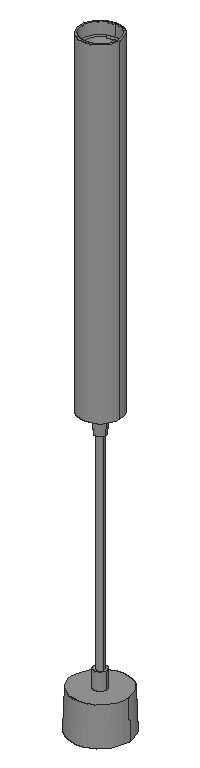
Revit family "6189", category Lighting Fixtures, host Face, Revit 2018
Family settings
  Host = Face
  Round Connector Dimension = Use Diameter
  Part Type = Normal
  OmniClass Number = 23.80.70.00
  OmniClass Title = Lighting
  Cut with Voids When Loaded = No
  Light Source = Yes
  Shared = No
  Room Calculation Point = No
Parameters (values of type "0006189 PIXO MINI PENDANT 560LM 940 MB WHT")
  spacer height = 5.965 mm
  spacer centres = 1000 mm
  cutout width = 300 mm
  Width = 296 mm
  Weight = "n/a"
  Wattage Comments = ""
  Wattage = 9.2903 W
  WarrantyStartDate [instance] = "n/a"
  WarrantyGuarantorParts = "n/a"
  WarrantyDurationUnit = "n/a"
  WarrantyDurationParts = ""
  WarrantyDescription = "http://www.sylvania-lighting.com"
  built-in parameter 1150110 = 1 (stored number, unit not read)
  Voltage = 0 V
  URL = "0.5"
  TypeName = "Pixo Mini PENDANT 560lm 940 MB WHITE"
  Type Image = <None>
  Type Comments = "n/a"
  built-in parameter 1114217 = 1 (stored number, unit not read)
  Tilt Angle = 90.00°
  built-in parameter 1150109 = 1 (stored number, unit not read)
  built-in parameter 1150134 = 3
  built-in parameter 1150113 = 1 (stored number, unit not read)
  SerialNumber [instance] = "n/a"
  Photometric Web File = "0006189.ies"
  Material_3_FEILO = none
  PowerFactor = 0
  PowerConsumption = "Lighting"
  NominalLength = 60 mm
  NominalHeight = 0 mm
  NominalDepth = 0 mm
  Name = "Pixo Mini PENDANT 560lm 940 MB WHITE"
  ModelReference = Name  # "Pixo Mini PENDANT 560lm 940 MB WHITE"
  ModelNumber = "0006189"
  Model = Name  # "Pixo Mini PENDANT 560lm 940 MB WHITE"
  Material = "Feilo Sylvania"
  ManufacturerName = "86 lm/W"
  Manufacturer = ""
  LuminousEfficacy = ""
  built-in parameter 1150105 = 109.82 (stored number, unit not read)
  Lumens = 1380 lm
  LuminaireType = "0"
  built-in parameter 1150115 = 1 (stored number, unit not read)
  LightOutputRatio = "LED"
  built-in parameter 1150137 = (empty or 0)
  built-in parameter 1150139 = (empty or 0)
  Length = 1196 mm
  LampsType = Lamp  # "n/a"
  LampNominalLuminous = "4000 K"
  LampMacAdamStep = "90"
  LampColourTemperature = "LED"
  LampColourRenderingIndex = "16500"
  built-in parameter 1150112 = 1 (stored number, unit not read)
  built-in parameter 1150114 = 1 (stored number, unit not read)
  Lamp = "n/a"
  Keynote = "n/a"
  InstallationDate [instance] = "n/a"
  InputVoltage = "0"
  InputNominalFrequency = "4000"
  built-in parameter 1150132 = (empty or 0)
  built-in parameter 1150102 = (empty or 0)
  built-in parameter 1150107 = 3200 (stored number, unit not read)
  built-in parameter 1150138 = (empty or 0)
  IngressProtection = "IfcLightFixtureType"
  ImpactProtectionIndex = "IfcLightFixtureType"
  built-in parameter 1150106 = 1.0982 (stored number, unit not read)
  IfcExportType = "IfcLightFixtureType"
  IfcExportAs = "Class I"
  Height = 51.031 mm
  ExpectedLife = 50000
  Emit from Circle Diameter = 609.6 mm
  Emit Shape Visible in Rendering = no
  ElectricShockClassification = "86"
  built-in parameter 1150104 = 13.8 (stored number, unit not read)
  DurationUnit = "hours"
  DocumentationLiterature = "http://www.sylvania-lighting.com/product/en-int/products/0006189"
  DimmingControlOptions = "n/a"
  Material_2_FEILO = none
  Dimming Lamp Color Temperature Shift = <None>
  Description = "Integrated LED pendant, Textured White - RAL9016, simple and slick integral design with no driver box and without any visible screws, ideal for retail applications, die-cast aluminium body, passive cooling heatsink. Beam angle: 40°, color temperature: 4000K , total system power: 6.5W, total fixture output: 560 lm, LOR: 100%, colour rendering: Ra: 90 typical, IR/UV free light source without heat radiation, operating voltage: 220-240V / 50-60Hz, electronic driver, non-dimmable, low LED flickerering rate (6%-20%), power factor: >0.90, electrical protection: Class I, Surface mounting ceiling rose, ingress protection rating: IP20, suitable for internal environment only, horizontal rotation: 345°, vertical tilt: 90°, dimensions: Ø41.5x350, weight: 0.469kg."
  Default Elevation = 1219.2 mm
  Cutout = 1200 mm
  CreatedOn = "06/01/2022"
  CreatedBy = "@sylvania-lighting.com"
  Cost = 0
  Color Filter = 16777215
  built-in parameter 1114216 [instance] = (empty or 0)
  ClassificationValue = "EF_70_80"
  ClassificationName = "Uniclass2015"
  Material_1_FEILO = none
  BarCode [instance] = "n/a"
  built-in parameter 1114218 = 1 (stored number, unit not read)
  built-in parameter 1150133 = 10 (stored number, unit not read)
  AssetType = "Fixed"
  AssetIdentifier [instance] = "n/a"
  Assembly Code = "D5020200"
  Apparent Load = 6.5 VA
  Material_4_FEILO = none
Reference planes
  plane 1 "Center (Front/Back)": y = 0
  plane 2: z = 0
  plane 3 "Center (Left/Right)": x = 0
  plane 4: z = 0
  plane 5: z = 51.031
  plane 6: y = 148
  plane 7: y = -148
  plane 8: x = -598
  plane 9: x = 598
  plane 10: z = 5.965
  plane 11: x = -600
  plane 12: x = 600
  plane 13: y = 150
  plane 14: y = -150
  plane 15: x = -30
  plane 16: x = 30
  plane 17: y = 30
  plane 18: y = -30
  plane 19: y = 29
  plane 20: y = -29
  plane 21: x = -29
  plane 22: x = 29
Forms (mm)
  Blend 1, solid, material "Aluminum", detail levels medium+fine
    base sketch origin (0, 0, 0) x (1, 0, 0) y (0, 1, 0)
      loop
        circle (0, 0) r 30
    top sketch origin (0, 0, 0) x (1, 0, 0) y (0, 1, 0)
      loop
        circle (0, 0) r 29
    from 0 to 40
  Extrusion 2, solid, material "Aluminum", detail levels medium+fine
    sketch origin (4.2, 0, 0) x (1, 0, 0) y (0, 1, 0)
      loop
        circle (-4.2, 0) r 6.5
    from 40 to 57
  Extrusion 3, solid, material "Aluminum", detail levels medium+fine
    sketch origin (4.2, 0, 0) x (1, 0, 0) y (0, 1, 0)
      loop
        circle (-4.2, 0) r 3.5
    from 57 to 275
  Blend 4, solid, material "Aluminum", detail levels medium+fine
    base sketch origin (4.2, 0, 0) x (1, 0, 0) y (0, 1, 0)
      loop
        circle (-4.2, 0) r 5.5
    top sketch origin (4.2, 0, 0) x (1, 0, 0) y (0, 1, 0)
      loop
        circle (-4.2, 0) r 7.5
    from 275 to 295
  Extrusion 5, solid, material "Aluminum", detail levels medium+fine
    sketch origin (4.2, 0, 0) x (1, 0, 0) y (0, 1, 0)
      loop
        circle (-4.2, 0) r 20.5
    from 295 to 645
  Extrusion 6, void
    sketch origin (4.2, 0, 0) x (0, 1, 0) y (1, 0, 0)
      loop
        circle (0, -4.2) r 19
    from -645 to -633
  Blend 7, void
    base sketch origin (4.2, 0, 0) x (0, 1, 0) y (-1, 0, 0)
      loop
        circle (0, 4.2) r 16.5
    top sketch origin (4.2, 0, 0) x (0, 1, 0) y (-1, 0, 0)
      loop
        circle (0, 4.2) r 5.5
    from 636.255 to 606.255
  Blend 8, solid, material "Glass, White, High Luminance", detail levels fine
    base sketch origin (4.2, 0, 0) x (1, 0, 0) y (0, 1, 0)
      loop
        circle (-4.2, 0) r 5.5
    top sketch origin (4.2, 0, 0) x (1, 0, 0) y (0, 1, 0)
      loop
        circle (-4.2, 0) r 5.5
    from 607.057 to 609.057
  Extrusion 9, solid, detail levels coarse
    sketch origin (4.2, 0, 0) x (1, 0, 0) y (0, 1, 0)
      loop
        line (-34.2, 30) -> (-34.2, -30) -> (25.8, -30) -> (25.8, 30) -> (-34.2, 30)
    from 0 to 645
Cuts and joins
  Extrusion 6, Blend 7 cuts Blend 1
  Extrusion 6, Blend 7 cuts Extrusion 5
Dimensions and locks
  "Width": plane 6 to plane 7
  equal spacing: plane 6, plane 1 "Center (Front/Back)", plane 7
  "Length": plane 8 to plane 9
  equal spacing: plane 8, plane 3 "Center (Left/Right)", plane 9
  "spacer height": plane 10 to host face
  "Height": plane 5 to level
  "Cutout": plane 11 to plane 12
  equal spacing: plane 11, plane 3 "Center (Left/Right)", plane 12
  "cutout width": plane 13 to plane 14
  equal spacing: plane 13, plane 1 "Center (Front/Back)", plane 14
  aligned and locked: plane 2 to host face
  aligned and locked: level to host face
Automatic sketch dimensions
  host sketch curve to host sketch curve = 2438.4 mm  (x2)
  plane 1 "Center (Front/Back)" to Blend 1 sketch curve = 0 mm  (x2)
  Blend 1 sketch curve to plane 3 "Center (Left/Right)" = 0 mm  (x2)
  plane 1 "Center (Front/Back)" to Extrusion 2 sketch curve = 0 mm
  Extrusion 2 sketch curve to plane 3 "Center (Left/Right)" = 0 mm
  plane 1 "Center (Front/Back)" to Extrusion 3 sketch curve = 0 mm
  Extrusion 3 sketch curve to plane 3 "Center (Left/Right)" = 0 mm
  plane 1 "Center (Front/Back)" to Blend 4 sketch curve = 0 mm  (x2)
  Blend 4 sketch curve to plane 3 "Center (Left/Right)" = 0 mm  (x2)
  plane 1 "Center (Front/Back)" to Extrusion 5 sketch curve = 0 mm
  Extrusion 5 sketch curve to plane 3 "Center (Left/Right)" = 0 mm
  plane 1 "Center (Front/Back)" to Extrusion 6 sketch curve = 0 mm
  Extrusion 6 sketch curve to plane 3 "Center (Left/Right)" = 0 mm
  plane 1 "Center (Front/Back)" to Blend 7 sketch curve = 0 mm  (x2)
  Blend 7 sketch curve to plane 3 "Center (Left/Right)" = 0 mm  (x2)
  plane 1 "Center (Front/Back)" to Blend 8 sketch curve = 0 mm  (x2)
  Blend 8 sketch curve to plane 3 "Center (Left/Right)" = 0 mm  (x2)
  Extrusion 9 sketch curve to plane 15 = 0 mm
  Extrusion 9 sketch curve to plane 16 = 0 mm
  Extrusion 9 sketch curve to plane 18 = 0 mm
  Extrusion 9 sketch curve to plane 17 = 0 mm
  radius of Blend 1 sketch curve = 30 mm
  radius of Blend 1 sketch curve = 29 mm
  radius of Extrusion 2 sketch curve = 6.5 mm
  radius of Extrusion 3 sketch curve = 3.5 mm
  radius of Blend 4 sketch curve = 5.5 mm
  radius of Blend 4 sketch curve = 7.5 mm
  radius of Extrusion 5 sketch curve = 20.5 mm
  radius of Extrusion 6 sketch curve = 19 mm
  radius of Blend 7 sketch curve = 16.5 mm
  radius of Blend 7 sketch curve = 5.5 mm
  radius of Blend 8 sketch curve = 5.5 mm  (x2)
Connectors
  electrical at (0, 0, 0), driven by "Apparent Load", driven by "PowerFactor", driven by "Voltage"
    settings: index 1, voltage 0 V, apparent load 6.5 VA, apparent load phase1 0 VA, apparent load phase2 0 VA, apparent load phase3 0 VA, power factor 0, load classification "Lighting", number of poles 1, system type 30, power factor state 1, is connector primary yes, connector utility no, sub classification motor no, connector description ""
